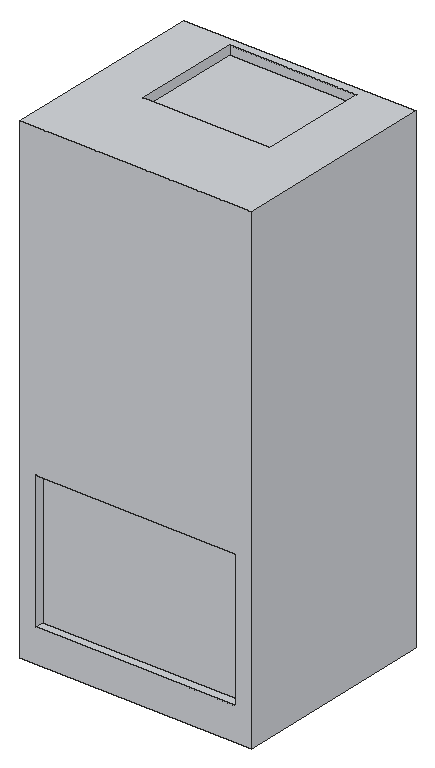
Revit family "637f56e94f4b4636893b7177cd511ffe", category Mechanical Equipment, Revit 2021
Family settings
  Round Connector Dimension = Use Radius
  Part Type = Normal
  OmniClass Number = 23.75.35.14.17
  OmniClass Title = Modular Indoor Air Handling Units
  Seek Item ID = Air Handling Unit - Split System - Vertical-0000-USA-ENU
  Work Plane-Based = No
  Always vertical = Yes
  Cut with Voids When Loaded = No
  Shared = No
  Room Calculation Point = No
Parameters (values of type "03")
  Voltage = 208 V
  UnitWidth = 2' - 1 1/2"
  UnitHeight = 4' - 5"
  UnitDepth = 1' - 10 77/128"
  Width1 = 1' - 2"
  SupplyOpeningOffset = 0' - 0 115/128"
  PartShape = "Rectangular Duct"
  Outlet Radius = 9/16"
  Outlet Diameter = Outlet Radius * 2  # 1 1/8"
  Number of Poles = 3
  Load Classification = Cooling
  Inlet Radius = 3/16"
  Inlet Diameter = Inlet Radius * 2  # 3/8"
  Height1 = 1' - 0"
  SupplyConnectorOffset = Height1 / 2  # 0' - 6"
  Width2 = 1' - 10"
  Height2 = 1' - 3"
  ReturnConnectorOffset = Height2 / 2  # 0' - 7 1/2"
  ReturnAirOffset = 0' - 3 79/128"
  Model = "03"
  Half UnitWidth = UnitWidth / 2  # 1' - 0 3/4"
  Drain Flow [instance] = 0 GPM
  Default Elevation = 0' - 0"
  C3 Offset 1 = 1' - 6 21/64"
  Assembly Code = ""
  Apparent Load = 10816 VA
  External Static Pressure [instance] = 0.50 in-wg
  Air Flow [instance] = 1170 CFM
Types (4): name | Voltage | UnitWidth | UnitHeight | UnitDepth | Width1 | SupplyOpeningOffset | Number of Poles | Height1 | SupplyConnectorOffset | Width2 | Height2 | ReturnConnectorOffset | Model | Half UnitWidth | C3 Offset 1 | Apparent Load | Air Flow
  03 | 208 V | 2' - 1 1/2" | 4' - 5" | 1' - 10 77/128" | 1' - 2" | 0' - 0 115/128" | 3 | 1' - 0" | 0' - 6" | 1' - 10" | 1' - 3" | 0' - 7 1/2" | "03" | 1' - 0 3/4" | 1' - 6 21/64" | 10816 VA | 1170 CFM
  05 | 208 V | 2' - 8" | 4' - 5" | 1' - 11 77/128" | 1' - 3" | 0' - 0 115/128" | 3 | 1' - 0" | 0' - 6" | 2' - 4" | 1' - 3" | 0' - 7 1/2" | "05" | 1' - 4" | 2' - 3 31/256" | 10816 VA | 1532 CFM
  07 | 208 V | 3' - 7 19/64" | 4' - 5 77/128" | 1' - 11 77/128" | 1' - 4" | 0' - 2 45/64" | 3 | 1' - 2" | 0' - 7" | 3' - 3" | 1' - 7" | 0' - 9 1/2" | "07" | 1' - 9 83/128" | 2' - 6 15/32" | 9984 VA | 1604 CFM
  10 | 240 V | 4' - 7 13/64" | 4' - 10 77/128" | 2' - 5 13/64" | 1' - 7" | 0' - 1 115/128" | 2 | 1' - 4" | 0' - 8" | 4' - 4" | 1' - 10" | 0' - 11" | "10" | 2' - 3 77/128" | 2' - 6 15/32" | 14400 VA | 1935 CFM
Reference planes (in)
  plane 1 "Center (Front/Back)": y = 0
  plane 2: z = 0
  plane 3 "Center (Left/Right)": x = 0
  plane 4 "TopOfUnitWorkPlane": z = 53
  plane 5 "FrontofUnitWorkPlane": y = -11.30078
  plane 6: x = -12.75
  plane 7: x = -10.85938
  plane 8: z = 5.21875
  plane 9: x = 12.75
  plane 10: x = 8.875
  plane 11: z = 18.32813
  plane 12: z = 15.51563
  plane 13: y = 11.30078
  plane 14: y = 12.30078
Forms (in)
  Extrusion 1, solid
    sketch origin (0, 0, 0) x (1, 0, 0) y (0, 1, 0)
      loop
        line (-12.75, 11.30078) -> (-12.75, -11.30078) -> (12.75, -11.30078) -> (12.75, 11.30078) -> (-12.75, 11.30078)
    from 0 to 53
  Extrusion 2, void
    sketch origin (-12.75, 11.30078, 53) x (0, -1, 0) y (-1, 0, 0)
      loop
        line (0.89844, -5.75) -> (0.89844, -19.75) -> (12.89844, -19.75) -> (12.89844, -5.75) -> (0.89844, -5.75)
    from 0 to 1
  Extrusion 3, void
    sketch origin (-12.75, -11.30078, 53) x (0, 0, 1) y (1, 0, 0)
      loop
        line (-34.38281, 1.75) -> (-34.38281, 23.75) -> (-49.38281, 23.75) -> (-49.38281, 1.75) -> (-34.38281, 1.75)
    from 0 to 1
  Extrusion 4, solid
    sketch origin (12.75, 11.30078, 53) x (0, 0, -1) y (-1, 0, 0)
      loop
        circle (34.67188, 3.875) r 0.5625
    from 0 to 1
  Extrusion 5, solid
    sketch origin (12.75, 11.30078, 53) x (0, 0, -1) y (-1, 0, 0)
      loop
        circle (37.48438, 3.875) r 0.1875
    from 0 to 1
  Extrusion 6, solid
    sketch origin (12.75, 11.30078, 53) x (0, 0, -1) y (-1, 0, 0)
      loop
        circle (47.78125, 23.60938) r 0.375
    from 0 to 1
Cuts and joins
  Extrusion 2, Extrusion 3 cuts Extrusion 1
Dimensions and locks (in)
  equal spacing: Extrusion 1 sketch curve, plane 3 "Center (Left/Right)", Extrusion 1 sketch curve
  "UnitWidth": Extrusion 1 sketch curve to Extrusion 1 sketch curve
  equal spacing: Extrusion 1 sketch curve, plane 1 "Center (Front/Back)", Extrusion 1 sketch curve
  "UnitDepth": Extrusion 1 sketch curve to Extrusion 1 sketch curve
  "UnitHeight": plane 4 "TopOfUnitWorkPlane" to level
  "SupplyOpeningOffset": Extrusion 2 sketch curve to cut or joined group of Extrusion 1, Extrusion 2, Extrusion 3
  "Height1": Extrusion 2 sketch curve to Extrusion 2 sketch curve
  equal spacing: Extrusion 2 sketch curve, plane 3 "Center (Left/Right)", Extrusion 2 sketch curve
  "Width1": Extrusion 2 sketch curve to Extrusion 2 sketch curve
  equal spacing: Extrusion 3 sketch curve, plane 3 "Center (Left/Right)", Extrusion 3 sketch curve
  "Width2": Extrusion 3 sketch curve to Extrusion 3 sketch curve
  "ReturnAirOffset": Extrusion 3 sketch curve to cut or joined group of Extrusion 1, Extrusion 2, Extrusion 3
  "Height2": Extrusion 3 sketch curve to Extrusion 3 sketch curve
  "Half UnitWidth": plane 3 "Center (Left/Right)" to plane 6
  locked: plane 7 to plane 6 at 1.89062
  locked: plane 2 to plane 8 at 5.21875
  "Half UnitWidth": plane 9 to plane 3 "Center (Left/Right)"
  locked: plane 10 to plane 9 at 3.875
  "C3 Offset 1": plane 2 to plane 11
  locked: plane 12 to plane 11 at 2.8125
  equal spacing: plane 13, plane 1 "Center (Front/Back)", plane 5 "FrontofUnitWorkPlane"
  locked: plane 14 to plane 13 at 1
  "Outlet Radius": radius of Extrusion 4 sketch curve
  "Inlet Radius": radius of Extrusion 5 sketch curve
  radius of Extrusion 6 sketch curve = 0' - 0 3/8"
  aligned and locked: Extrusion 1 to plane 4 "TopOfUnitWorkPlane"
  aligned and locked: plane 11 to Extrusion 4 sketch curve
  aligned and locked: plane 10 to Extrusion 4 sketch curve
  aligned and locked: plane 12 to Extrusion 5 sketch curve
  aligned and locked: plane 10 to Extrusion 5 sketch curve
  aligned and locked: plane 8 to Extrusion 6 sketch curve
  aligned and locked: plane 7 to Extrusion 6 sketch curve
  aligned and locked: Extrusion 6 to plane 13
  aligned and locked: plane 14 to Extrusion 6
  aligned and locked: Extrusion 4 to plane 13
  aligned and locked: plane 14 to Extrusion 4
  aligned and locked: plane 13 to Extrusion 5
  aligned and locked: plane 14 to Extrusion 5
Connectors (in)
  hvac at (0, -10.30078, 11.11719), driven by "Height2", driven by "Width2", driven by "Air Flow"
    settings: on cut or joined group of Extrusion 1, Extrusion 2, Extrusion 3, index 1, duct flow 1170 CFM, flow factor 0, pres drop 0.00 in-wg, loss coef 0, conn angle 0.00°, conn width 22", conn height 15", conn diameter 24", duct sys type 2, conn prof type 1, flow config 0, flow direction 1, loss method 0, conn ref index 0, conn util no, is conn primary no, conn desc ""
  hvac at (0, 4.40234, 52), driven by "Height1", driven by "Width1", driven by "Air Flow"
    settings: on cut or joined group of Extrusion 1, Extrusion 2, Extrusion 3, index 0, duct flow 1170 CFM, flow factor 0, pres drop 0.00 in-wg, loss coef 0, conn angle 0.00°, conn width 14", conn height 12", conn diameter 24", duct sys type 1, conn prof type 1, flow config 0, flow direction 2, loss method 0, conn ref index 1, conn util no, is conn primary yes, conn desc ""
  piping at (8.875, 12.30078, 18.32812), diameter 1.125, driven by "Outlet Radius"
    settings: on Extrusion 4, index 2, connector inside diameter 1 1/8", connector length 0' - 0", flow factor 0, pipe flow 0 GPM, pressure drop 0.00 psi, fitting loss kfactor 0, connector angle 0.00°, fixture units 0, engagement length 0' - 0", angle of deflection 0.00°, flow configuration 1, flow direction 2, fitting loss method 0, system type 22, joint type 0, gender type 0, connector reference index 3, connector utility 0, adjustable connector no, is connector primary yes, connector description ""
  piping at (8.875, 12.30078, 15.51563), diameter 0.375, driven by "Inlet Radius"
    settings: on Extrusion 5, index 3, connector inside diameter 3/8", connector length 0' - 0", flow factor 0, pipe flow 0 GPM, pressure drop 0.00 psi, fitting loss kfactor 0, connector angle 0.00°, fixture units 0, engagement length 0' - 0", angle of deflection 0.00°, flow configuration 1, flow direction 1, fitting loss method 0, system type 22, joint type 0, gender type 0, connector reference index 2, connector utility 0, adjustable connector no, is connector primary no, connector description ""
  piping at (-10.85938, 12.30078, 5.21875), diameter 0.75, driven by "Drain Flow"
    settings: on Extrusion 6, index 4, connector inside diameter 3/4", connector length 0' - 0", flow factor 0, pipe flow 0 GPM, pressure drop 0.00 psi, fitting loss kfactor 0, connector angle 0.00°, fixture units 0, engagement length 0' - 0", angle of deflection 0.00°, flow configuration 1, flow direction 2, fitting loss method 0, system type 16, joint type 0, gender type 0, connector reference index -1, connector utility 0, adjustable connector yes, is connector primary no, connector description ""
  electrical at (-12.75, 0, 26.5), driven by "Apparent Load", driven by "Voltage", driven by "Number of Poles", driven by "Load Classification"
    settings: on cut or joined group of Extrusion 1, Extrusion 2, Extrusion 3, index 5, voltage 208 V, apparent load 10816 VA, apparent load phase1 0 VA, apparent load phase2 0 VA, apparent load phase3 0 VA, power factor 0.8, load classification "Cooling", number of poles 3, system type 30, power factor state 1, is connector primary yes, connector utility no, sub classification motor no, connector description ""
